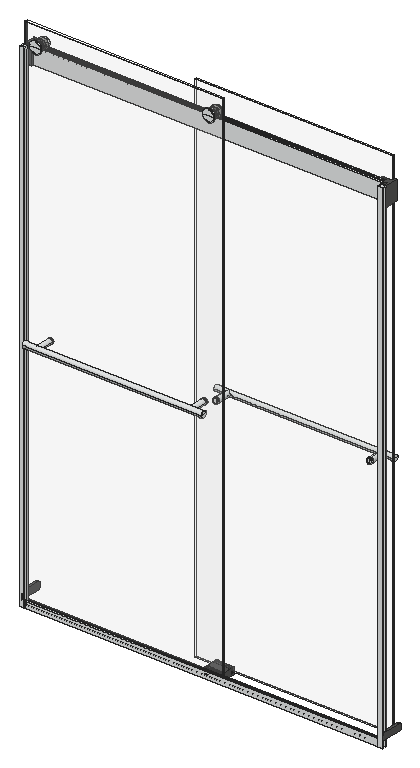
Revit family "Shower-Shower_Door-KOHLER-Levity_Plus-K-702430_1", category Specialty Equipment, host Face, Revit 2022
Family settings
  Host = Face
  Round Connector Dimension = Use Diameter
  Part Type = Normal
  OmniClass Number = 23.31.17.17
  OmniClass Title = Shower Enclosures
  Cut with Voids When Loaded = No
  Maintain Annotation Orientation = No
  Shared = No
  Room Calculation Point = No
Parameters (values of type "SHP-Bright Polished Silver")
  Width [instance] = Walk Thru + 199/256" + 31 81/256"  # 56 169/256"
  WaterSense Certified = 1 = 0  # no
  Walk Thru [instance] = 24 145/256"
  URL = "https://www.us.kohler.com/us/"
  Type = 1
  Product Page URL = "http://www.us.kohler.com/us/catalog/productDetails.jsp?productId=702430-L"
  Product Name = "Levity Plus"  # constant formula
  Product Documentation Link = "https://www.us.kohler.com/webassets/kpna/catalog/pdf/en/K-702430-L_spec_US-CA_Kohler_en.pdf"
  Model = if(Type = 1, "K-702430-L-SHP", if(Type = 2, "K-702430-L-BNK", if(Type = 3, "K-702430-L-BL", if(Type = 4, "K-702430-L-2MB", "NA"))))  # "K-702430-L-SHP"
  Material = "Premium Metal Construction"  # constant formula
  Master Format 2014 Name = "Shower Doors"  # constant formula
  Master Format 2014 = "10 28 19.16"  # constant formula
  Manufacturer Address = "444 Highland Dr, Kohler, WI 53044"  # constant formula
  Manufacturer = "Kohler Co."  # constant formula
  Length = 7 11/128"  # constant formula
  Height = 81 157/256"  # constant formula
  Finish = Kohler-Metal-SHP-Bright_Polished_Silver
  Environmental Product Declaration = ""
  Description = "3/8 SHOWER DOOR 82 X 59 5/8 TOWEL BAR"  # constant formula
  Default Elevation = 4"
  Declare Label = ""
  Date Modified = "03/28/2022"  # constant formula
  Date Created = "03/28/2022"  # constant formula
  Copyright = "Copyright Kohler Co."  # constant formula
  Contact Us = "https://www.us.kohler.com/us/static/contact.jsp"
  Assembly Code = "C1030200"
  ADA Compliant = 1 = 0  # no
Reference planes (in)
  plane 1 "Center (Front/Back)": y = 0
  plane 2: z = 0
  plane 3 "Center (Left/Right)": x = 0
  plane 4: x = 24.56641
  plane 5: x = 25.34402
  plane 6: x = -1.99865
  plane 7: x = -28.99865
  plane 8: x = -27.24865
  plane 9: x = -31.31614
  plane 10: x = -0.98122
  plane 11: y = -0.5592
  plane 12: x = 23.02719
  plane 13: z = 37.91339
  plane 14: x = -2.50477
  plane 15: x = -4.48344
  plane 16: x = 21.49523
  plane 17: x = 23.49523
  plane 18: x = -27.49125
  plane 19: x = -29.49125
  plane 20: x = -3.49125
  plane 21: y = 4.42112
  plane 22: y = 3.99592
  plane 23: y = -2.22061
  plane 24: y = -2.66482
  plane 25: z = 78.22835
  plane 26: z = 75.66929
  plane 27: z = 78.82047
  plane 28: z = 81.61328
Dimensions and locks (in)
  "Walk Thru": plane 4 to plane 3 "Center (Left/Right)"
  "Width": plane 9 to plane 5
  locked: plane 4 to plane 5 at 0.77761
  locked: plane 4 to plane 12 at 1.53921
  locked: plane 17 to plane 5 at 1.84879
  locked: plane 16 to plane 5 at 3.84879
  locked: plane 14 to plane 16 at 24
  locked: plane 15 to plane 14 at 1.97866
  plane 13 to level = 37.91339"
  "Length": plane 21 to plane 24
  "Height": plane 28 to level
  plane 26 to level = 75.66929"
  aligned and locked: plane 2 to host face
  aligned and locked: level to host face
  aligned and locked: plane 3 "Center (Left/Right)" to nested 1
  aligned and locked: plane 4 to nested 1
Automatic sketch dimensions
  host sketch curve to host sketch curve = 96"  (x2)
Nested families (in)
  nested 1: "K-702430" at (0, -0.5592, 0), type "K-702430"
    with Width 56.65696", Walk Thru 24 145/256"
Definition of nested family "K-702430"
  Parameters (values of type "K-702430")
    Width = Walk Thru + 0.77559" + 31.31496"  # 54.9252"
    Walk Thru = 22.83465"
    Material = none
    Default Elevation = 0"
  Reference planes (in)
    plane 1 "Center (Front/Back)": y = 0
    plane 2: z = 0
    plane 3 "Center (Left/Right)": x = 0
    plane 4: x = -31.3134
    plane 5: x = 22.83465
    plane 6: x = 23.61179
    plane 7 "E": x = 19.54543
    plane 8: x = -1.99865
    plane 9: y = -2.1063
    plane 10: y = -1.66142
    plane 11 "C": x = 21.29543
    plane 12 "D": x = -5.70516
    plane 13: x = 23.27133
    plane 14 "B": z = 37.91339
    plane 15: x = -29.49125
    plane 16: x = -1.49125
    plane 17: x = 21.76346
    plane 18: x = -6.23654
    plane 19 "AC": x = -4.23654
    plane 20 "AD": x = 19.76346
    plane 21: x = -3.49125
    plane 22: x = -3.88495
    plane 23: z = 81.61417
    plane 24: y = 4.98031
    plane 25: y = 4.55512
    plane 26: z = 75.66929
    plane 27: z = 78.22835
    plane 28: z = 78.82047
  Forms (in)
    Extrusion 1, solid
      sketch origin (0, 0, 0) x (1, 0, 0) y (0, 1, 0)
        loop
          line (-31.3134, 2.37158) -> (-31.3134, 0.38563)
          arc (-31.3134, 0.38563) -> (-31.30418, 0.36336) -> (-31.28191, 0.35413) r 0.0315
          line (-31.28191, 0.35413) -> (-31.02523, 0.35413)
          arc (-31.02523, 0.35413) -> (-31.00295, 0.36336) -> (-30.99373, 0.38563) r 0.0315
          line (-30.99373, 0.38563) -> (-30.99373, 0.85734)
          arc (-30.99373, 0.85734) -> (-30.9845, 0.87961) -> (-30.96223, 0.88884) r 0.0315
          line (-30.96223, 0.88884) -> (-30.36006, 0.88884)
          arc (-30.36006, 0.88884) -> (-30.33857, 0.89774) -> (-30.32966, 0.91923) r 0.03039
          line (-30.32966, 0.91923) -> (-30.32966, 2.02115) -> (-30.99701, 2.02858) -> (-30.99701, 2.37088)
          arc (-30.99701, 2.37088) -> (-31.00624, 2.39315) -> (-31.02851, 2.40237) r 0.0315
          line (-31.02851, 2.40237) -> (-31.28261, 2.40237)
          arc (-31.28261, 2.40237) -> (-31.30439, 2.39336) -> (-31.3134, 2.37158) r 0.03079
      from 75.42163 to 78.36942
    Extrusion 2, solid, material <- "Material", detail levels medium+fine
      sketch origin (0, 0, 0) x (1, 0, 0) y (0, 1, 0)
        loop
          line (-30.99165, 0.20982) -> (-30.99165, -0.20982) -> (-30.79705, -0.20982) -> (-30.79705, -0.27247) -> (-31.25589, -0.27247) -> (-31.25589, -0.30702) -> (-30.6559, -0.32797)
          arc (-30.6559, -0.32797) -> (-30.58047, -0.29901) -> (-30.5489, -0.22464) r 0.10339
          line (-30.5489, -0.22464) -> (-30.5489, 0.22464)
          arc (-30.5489, 0.22464) -> (-30.58047, 0.29901) -> (-30.6559, 0.32797) r 0.10339
          line (-30.6559, 0.32797) -> (-31.25589, 0.30702) -> (-31.25589, 0.27247) -> (-30.79705, 0.27247) -> (-30.79705, 0.20982) -> (-30.99165, 0.20982)
        loop
          line (-31.3134, 0.20982) -> (-31.12433, 0.20982) -> (-31.12433, 0) -> (-31.12433, -0.20982) -> (-31.3134, -0.20982) -> (-31.3134, -0.25253) -> (-31.08302, -0.25253) -> (-31.08302, 0) -> (-31.08302, 0.25253) -> (-31.3134, 0.25253) -> (-31.3134, 0.20982)
      from 0.08036 to 78.30573
    Extrusion 3, solid, material <- "Material", detail levels medium+fine
      sketch origin (0, 0, 0) x (1, 0, 0) y (0, 1, 0)
        loop
          line (-30.6559, 0.32797) -> (-31.25589, 0.30702) -> (-31.25589, 0.25253) -> (-31.3134, 0.25253) -> (-31.3134, -0.25253) -> (-31.25589, -0.25253) -> (-31.25589, -0.30702) -> (-30.6559, -0.32797)
          arc (-30.6559, -0.32797) -> (-30.58047, -0.29901) -> (-30.5489, -0.22464) r 0.10339
          line (-30.5489, -0.22464) -> (-30.5489, 0.22464)
          arc (-30.5489, 0.22464) -> (-30.58047, 0.29901) -> (-30.6559, 0.32797) r 0.10339
      from 78.40592 to 78.30573
    Extrusion 4, solid
      sketch origin (0, 0, 0) x (0, 1, 0) y (0, 0, 1)
        loop
          line (2.917, 2.13263) -> (-0.20982, 2.13263) -> (-0.20982, 1.05663) -> (2.93672, 1.05663)
          arc (2.93672, 1.05663) -> (3.10579, 1.12666) -> (3.17581, 1.29573) r 0.23909
          line (3.17581, 1.29573) -> (3.17581, 1.87382)
          arc (3.17581, 1.87382) -> (3.10001, 2.05683) -> (2.917, 2.13263) r 0.25882
      from -30.99165 to -31.3134
    Extrusion 5, solid, material <- "Material"
      sketch origin (0, 0, 0) x (0, 1, 0) y (0, 0, 1)
        loop
          arc (0, 0.33997) -> (0.03474, 0.38326) -> (0.08453, 0.35871) r 0.04434
          line (0.08453, 0.35871) -> (0.11423, 0.29502)
          arc (0.11423, 0.29502) -> (0.14686, 0.27839) -> (0.17089, 0.30603) r 0.02975
          line (0.17089, 0.30603) -> (0.20017, 0.86474)
          arc (0.20017, 0.86474) -> (0.19197, 0.88698) -> (0.17019, 0.89634) r 0.03002
          line (0.17019, 0.89634) -> (0.02343, 0.89634)
          arc (0.02343, 0.89634) -> (-0.02199, 0.94176) -> (0.02343, 0.98718) r 0.04542
          line (0.02343, 0.98718) -> (0.19567, 0.98718)
          arc (0.19567, 0.98718) -> (0.19347, 1.02749) -> (0.15814, 1.04703) r 0.04169
          line (0.15814, 1.04703) -> (-0.19878, 1.04703) -> (-0.19878, 0) -> (0.49474, 0) -> (0.49474, 0.07959) -> (0.14319, 0.07959)
          arc (0.14319, 0.07959) -> (0.04194, 0.12153) -> (0, 0.22278) r 0.14319
          line (0, 0.22278) -> (0, 0.33997)
        loop
          line (0.53901, 0.96058) -> (0.10163, 0.96058)
          arc (0.10163, 0.96058) -> (0.08163, 0.94058) -> (0.10163, 0.92059) r 0.01999
          line (0.10163, 0.92059) -> (0.53901, 0.92059)
          arc (0.53901, 0.92059) -> (0.559, 0.94058) -> (0.53901, 0.96058) r 0.01999
      from -30.99165 to 22.83465
    Revolve 6, solid, material <- "Material", detail levels medium+fine
      sketch origin (27, 0, 78.82047) x (0, -1, 0) y (1, 0, 0)
        loop
          line (0.14044, -28.99865) -> (-1.79905, -28.99865) -> (-1.79905, -29.69269) -> (-1.43263, -29.69269) -> (-1.43263, -29.74488)
          arc (-1.43263, -29.74488) -> (-1.24562, -29.80339) -> (-1.05861, -29.74488) r 0.32812
          line (-1.05861, -29.74488) -> (-1.05861, -29.53477) -> (-0.92215, -29.53477) -> (-0.92215, -29.73162) -> (-0.7253, -29.73162) -> (-0.7253, -29.46245) -> (-0.36761, -29.46245) -> (-0.36761, -29.6593) -> (-0.06827, -29.6593) -> (-0.06827, -29.89414) -> (-0.02811, -29.93431) -> (0.09751, -29.93431) -> (0.14044, -29.89138) -> (0.14044, -28.99865)
        axis (0.14044, -28.99865) -> (-1.79905, -28.99865)
      angle from 0 to 360
    Revolve 7, solid, material <- "Material", detail levels medium+fine
      sketch origin (0, 0, 78.82047) x (0, -1, 0) y (1, 0, 0)
        loop
          line (0.14044, -28.99865) -> (-1.79905, -28.99865) -> (-1.79905, -29.69269) -> (-1.43263, -29.69269) -> (-1.43263, -29.74488)
          arc (-1.43263, -29.74488) -> (-1.24562, -29.80339) -> (-1.05861, -29.74488) r 0.32812
          line (-1.05861, -29.74488) -> (-1.05861, -29.53477) -> (-0.92215, -29.53477) -> (-0.92215, -29.73162) -> (-0.7253, -29.73162) -> (-0.7253, -29.46245) -> (-0.36761, -29.46245) -> (-0.36761, -29.6593) -> (-0.06827, -29.6593) -> (-0.06827, -29.89414) -> (-0.02811, -29.93431) -> (0.09751, -29.93431) -> (0.14044, -29.89138) -> (0.14044, -28.99865)
        axis (0.14044, -28.99865) -> (-1.79905, -28.99865)
      angle from 0 to 360
    Extrusion 8, solid, material <- "Material", detail levels medium+fine
      sketch origin (0, 0, 4.05512) x (0, 1, 0) y (0, 0, 1)
        loop
          line (0.97838, 74.09449) -> (0.97838, 71.53543) -> (1.85747, 71.53543)
          arc (1.85747, 71.53543) -> (1.9, 71.55305) -> (1.91761, 71.59558) r 0.06014
          line (1.91761, 71.59558) -> (1.91761, 71.86685)
          arc (1.91761, 71.86685) -> (1.89894, 71.92322) -> (1.85029, 71.95728) r 0.0944
          line (1.85029, 71.95728) -> (1.85029, 71.88022) -> (1.65621, 71.78388) -> (1.38912, 71.90889) -> (1.38912, 73.51607)
          arc (1.38912, 73.51607) -> (1.41101, 73.5689) -> (1.46384, 73.59079) r 0.07472
          line (1.46384, 73.59079) -> (1.84605, 73.59079) -> (1.84605, 73.41713) -> (1.8957, 73.41713)
          arc (1.8957, 73.41713) -> (1.91735, 73.42609) -> (1.92632, 73.44774) r 0.03062
          line (1.92632, 73.44774) -> (1.92632, 74.04029)
          arc (1.92632, 74.04029) -> (1.91044, 74.07861) -> (1.87212, 74.09449) r 0.0542
          line (1.87212, 74.09449) -> (1.69975, 74.09449) -> (1.69975, 74.01045) -> (1.81407, 74.01045)
          arc (1.81407, 74.01045) -> (1.84489, 73.99768) -> (1.85765, 73.96686) r 0.04358
          line (1.85765, 73.96686) -> (1.85765, 73.8136) -> (1.31287, 73.8136) -> (1.31287, 73.88222) -> (1.44737, 73.94211) -> (1.44737, 73.98613)
          arc (1.44737, 73.98613) -> (1.43926, 74.00107) -> (1.42231, 74.0024) r 0.01781
          line (1.42231, 74.0024) -> (1.24538, 73.92362) -> (1.04592, 74.01243) -> (1.04592, 74.07466)
          arc (1.04592, 74.07466) -> (1.04011, 74.08868) -> (1.02609, 74.09449) r 0.01983
          line (1.02609, 74.09449) -> (0.97838, 74.09449)
      from -30.58824 to 22.83465
    Extrusion 9, solid
      sketch origin (0, 0, 74.76536) x (0, -1, 0) y (1, 0, 0)
        loop
          line (-0.71126, -0.0614) -> (-0.71126, -30.93323) -> (-0.65126, -30.99323) -> (-0.39026, -30.99323) -> (-0.33026, -30.93323) -> (-0.33026, -0.0614) -> (-0.39026, -0.0014) -> (-0.65126, -0.0014) -> (-0.71126, -0.0614)
      from 6.84882 to -74.04521
    Extrusion 10, solid
      sketch origin (0, 0, 0) x (0, 1, 0) y (0, 0, 1)
        loop
          line (2.79395, 0) -> (2.73913, 1.04611)
          arc (2.73913, 1.04611) -> (2.73201, 1.06155) -> (2.71622, 1.06785) r 0.02294
          line (2.71622, 1.06785) -> (2.58256, 1.06785)
          arc (2.58256, 1.06785) -> (2.56781, 1.06181) -> (2.56152, 1.04717) r 0.02105
          line (2.56152, 1.04717) -> (2.54725, 0.22974)
          arc (2.54725, 0.22974) -> (2.52045, 0.16735) -> (2.45761, 0.14164) r 0.08966
          line (2.45761, 0.14164) -> (2.27292, 0.14164)
          arc (2.27292, 0.14164) -> (2.21358, 0.16532) -> (2.18684, 0.22333) r 0.0862
          line (2.18684, 0.22333) -> (2.14487, 1.02412)
          arc (2.14487, 1.02412) -> (2.13055, 1.05518) -> (2.09879, 1.06785) r 0.04614
          line (2.09879, 1.06785) -> (1.06637, 1.06785)
          arc (1.06637, 1.06785) -> (1.03461, 1.05518) -> (1.02029, 1.02412) r 0.04614
          line (1.02029, 1.02412) -> (0.97833, 0.22333)
          arc (0.97833, 0.22333) -> (0.95158, 0.16532) -> (0.89225, 0.14164) r 0.0862
          line (0.89225, 0.14164) -> (0.70755, 0.14164)
          arc (0.70755, 0.14164) -> (0.64471, 0.16735) -> (0.61791, 0.22974) r 0.08966
          line (0.61791, 0.22974) -> (0.60364, 1.04717)
          arc (0.60364, 1.04717) -> (0.59735, 1.06181) -> (0.5826, 1.06785) r 0.02105
          line (0.5826, 1.06785) -> (0.30693, 1.06785) -> (0.30693, 0.16201) -> (0.47604, 0.16201)
          arc (0.47604, 0.16201) -> (0.50033, 0.15195) -> (0.51039, 0.12766) r 0.03435
          line (0.51039, 0.12766) -> (0.51039, 0.08994)
          arc (0.51039, 0.08994) -> (0.52098, 0.06032) -> (0.54793, 0.04411) r 0.04675
          arc (0.54793, 0.04411) -> (0.76846, 0.01105) -> (0.99117, 0) r 2.24921
          line (0.99117, 0) -> (2.79395, 0)
      from -3.12027 to -0.34077
    Revolve 11, solid, material <- "Material"
      sketch origin (-5.70516, 0, 4.05512) x (0, 0, -1) y (0, -1, 0)
        loop
          line (-73.55511, -2.99093) -> (-73.51433, -3.03171) -> (-72.61552, -3.03171) -> (-72.61552, -1.91129) -> (-73.35161, -1.91129) -> (-73.35161, -2.16793) -> (-73.2217, -2.16793) -> (-73.2217, -2.52933) -> (-73.27972, -2.52933) -> (-73.27972, -2.82297) -> (-73.51347, -2.82297) -> (-73.55511, -2.86461) -> (-73.55511, -2.99093)
        axis (-72.61552, -1.91129) -> (-72.61552, -3.03171)
      angle from 0 to 360
    Revolve 12, solid, material <- "Material"
      sketch origin (21.29543, 0, 4.05512) x (0, 0, -1) y (0, -1, 0)
        loop
          line (-73.55511, -2.99093) -> (-73.51433, -3.03171) -> (-72.61552, -3.03171) -> (-72.61552, -1.91129) -> (-73.35161, -1.91129) -> (-73.35161, -2.16793) -> (-73.2217, -2.16793) -> (-73.2217, -2.52933) -> (-73.27972, -2.52933) -> (-73.27972, -2.82297) -> (-73.51347, -2.82297) -> (-73.55511, -2.86461) -> (-73.55511, -2.99093)
        axis (-72.61552, -1.91129) -> (-72.61552, -3.03171)
      angle from 0 to 360
    Extrusion 13, solid
      sketch origin (0, 0, 78.82047) x (0, -1, 0) y (1, 0, 0)
        loop
          line (-2.40428, 23.61179) -> (-2.40428, 23.41034)
          arc (-2.40428, 23.41034) -> (-2.37444, 23.3383) -> (-2.30241, 23.30846) r 0.10187
          line (-2.30241, 23.30846) -> (-2.09932, 23.30846)
          arc (-2.09932, 23.30846) -> (-2.03657, 23.28247) -> (-2.01058, 23.21972) r 0.08874
          line (-2.01058, 23.21972) -> (-2.01058, 22.68355)
          arc (-2.01058, 22.68355) -> (-1.99255, 22.64001) -> (-1.949, 22.62197) r 0.06158
          line (-1.949, 22.62197) -> (-0.96774, 22.62197)
          arc (-0.96774, 22.62197) -> (-0.9202, 22.64166) -> (-0.90051, 22.6892) r 0.06723
          line (-0.90051, 22.6892) -> (-0.90051, 23.19912)
          arc (-0.90051, 23.19912) -> (-0.8829, 23.24164) -> (-0.84038, 23.25925) r 0.06013
          line (-0.84038, 23.25925) -> (-0.37453, 23.25925)
          arc (-0.37453, 23.25925) -> (-0.34132, 23.273) -> (-0.32756, 23.30621) r 0.04697
          line (-0.32756, 23.30621) -> (-0.32756, 23.61179) -> (-2.40428, 23.61179)
      from -0.4295 to -3.42639
    Extrusion 14, solid
      sketch origin (0, 0, 0) x (0, 1, 0) y (0, 0, -1)
        loop
          arc (2.917, -2.13263) -> (3.10001, -2.05683) -> (3.17581, -1.87382) r 0.25882
          line (3.17581, -1.87382) -> (3.17581, -1.29573)
          arc (3.17581, -1.29573) -> (3.10579, -1.12666) -> (2.93672, -1.05663) r 0.23909
          line (2.93672, -1.05663) -> (-0.23901, -1.05663) -> (-0.23901, -2.13263) -> (2.917, -2.13263)
      from -23.27133 to -23.61179
    Extrusion 15, solid, material <- "Material"
      sketch origin (0, 0, 74.76536) x (0, -1, 0) y (1, 0, 0)
        loop
          line (-0.32756, 22.83465) -> (0.31775, 22.83465) -> (0.31775, 23.61179) -> (0.23901, 23.61179) -> (0.23901, 22.91339) -> (-0.24882, 22.91339) -> (-0.24882, 23.61179) -> (-0.32756, 23.61179) -> (-0.32756, 22.83465)
      from -74.68499 to 3.51691
    Extrusion 16, solid, material <- "Material"
      sketch origin (0, 0, 0) x (1, 0, 0) y (0, 1, 0)
        loop
          line (23.61179, 0.32756) -> (22.83465, 0.32756) -> (22.83465, -0.31775) -> (23.61179, -0.31775) -> (23.61179, 0.32756)
      from 78.39098 to 78.28227
    Extrusion 17, solid
      sketch origin (0, 0, 74.76536) x (0, -1, 0) y (1, 0, 0)
        loop
          line (-2.21389, 23.27133) -> (-2.47489, 23.27133) -> (-2.53489, 23.21133) -> (-2.53489, -7.63914) -> (-2.47489, -7.69914) -> (-2.21389, -7.69914) -> (-2.15389, -7.63914) -> (-2.15389, 23.21133) -> (-2.21389, 23.27133)
      from -74.06077 to 6.84882
    Extrusion 18, solid, material <- "Material", detail levels coarse
      sketch origin (0, 0, 74.76536) x (0, -1, 0) y (1, 0, 0)
        loop
          line (-0.32797, -30.5489) -> (-0.32797, -31.3134) -> (0.32797, -31.3134) -> (0.32797, -30.5489) -> (-0.32797, -30.5489)
      from -74.68499 to 3.64057
    Revolve 19, solid, material <- "Material", detail levels coarse
      sketch origin (0, 0, 78.82047) x (0, -1, 0) y (1, 0, 0)
        loop
          line (0.14044, -28.99865) -> (-1.79905, -28.99865) -> (-1.79905, -29.69269) -> (-1.43263, -29.69269) -> (-1.43263, -29.74488) -> (-1.05861, -29.74488) -> (-1.05861, -29.53477) -> (-0.92215, -29.53477) -> (-0.92215, -29.73162) -> (-0.7253, -29.73162) -> (-0.7253, -29.6593) -> (-0.06827, -29.6593) -> (-0.06827, -29.93431) -> (0.14044, -29.93431) -> (0.14044, -28.99865)
        axis (-1.79905, -28.99865) -> (0.14044, -28.99865)
      angle from 0 to 360
    Revolve 20, solid, material <- "Material", detail levels coarse
      sketch origin (27, 0, 78.82047) x (0, -1, 0) y (1, 0, 0)
        loop
          line (0.14044, -28.99865) -> (-1.79905, -28.99865) -> (-1.79905, -29.69269) -> (-1.43263, -29.69269) -> (-1.43263, -29.74488) -> (-1.05861, -29.74488) -> (-1.05861, -29.53477) -> (-0.92215, -29.53477) -> (-0.92215, -29.73162) -> (-0.7253, -29.73162) -> (-0.7253, -29.6593) -> (-0.06827, -29.6593) -> (-0.06827, -29.93431) -> (0.14044, -29.93431) -> (0.14044, -28.99865)
        axis (-1.79905, -28.99865) -> (0.14044, -28.99865)
      angle from 0 to 360
    Extrusion 21, solid, material <- "Material", detail levels coarse
      sketch origin (0, 0, 4.05512) x (0, 1, 0) y (0, 0, 1)
        loop
          line (0.97838, 74.09449) -> (0.97838, 71.53543) -> (1.92632, 71.53543) -> (1.92632, 74.09449) -> (0.97838, 74.09449)
      from -30.5489 to 22.83465
    Revolve 22, solid, material <- "Material", detail levels medium+fine
      sketch origin (0, 0, 37.91339) x (-1, 0, 0) y (0, -1, 0)
        loop
          line (27.49125, 1.67795) -> (27.49125, -0.9988) -> (27.86283, -0.9988)
          arc (27.86283, -0.9988) -> (27.87865, -0.99224) -> (27.8852, -0.97642) r 0.02237
          line (27.8852, -0.97642) -> (27.8852, -0.77957)
          arc (27.8852, -0.77957) -> (27.88008, -0.76164) -> (27.86625, -0.74911) r 0.03397
          line (27.86625, -0.74911) -> (27.86625, 1.67795) -> (27.49125, 1.67795)
        axis (27.49125, 1.67795) -> (27.49125, -0.9988)
      angle from 0 to 360
    Revolve 23, solid, material <- "Material", detail levels medium+fine
      sketch origin (0, 0, 37.91339) x (-1, 0, 0) y (0, -1, 0)
        loop
          line (29.49125, 1.66142) -> (29.49125, 2.05531) -> (29.44026, 2.1063) -> (1.54212, 2.1063) -> (1.49125, 2.05543) -> (1.49125, 1.66142) -> (29.49125, 1.66142)
        axis (29.49125, 1.66142) -> (1.49125, 1.66142)
      angle from 0 to 360
    Revolve 24, solid, material <- "Material"
      sketch origin (-4.23654, 0, 0) x (0, 1, 0) y (0, 0, 1)
        loop
          line (4.47693, 37.91339) -> (4.47693, 38.31835) -> (2.11192, 38.31835)
          arc (2.11192, 38.31835) -> (2.0961, 38.32938) -> (2.07721, 38.33327) r 0.04782
          line (2.07721, 38.33327) -> (1.88731, 38.33327)
          arc (1.88731, 38.33327) -> (1.86932, 38.32582) -> (1.86187, 38.30783) r 0.02544
          line (1.86187, 38.30783) -> (1.86187, 37.91339) -> (4.47693, 37.91339)
        axis (1.86187, 37.91339) -> (4.47693, 37.91339)
      angle from 0 to 360
    Revolve 25, solid, material <- "Material"
      sketch origin (19.76346, 0, 0) x (0, 1, 0) y (0, 0, 1)
        loop
          line (4.47693, 37.91339) -> (4.47693, 38.31835) -> (2.11192, 38.31835)
          arc (2.11192, 38.31835) -> (2.0961, 38.32938) -> (2.07721, 38.33327) r 0.04782
          line (2.07721, 38.33327) -> (1.88731, 38.33327)
          arc (1.88731, 38.33327) -> (1.86932, 38.32582) -> (1.86187, 38.30783) r 0.02544
          line (1.86187, 38.30783) -> (1.86187, 37.91339) -> (4.47693, 37.91339)
        axis (1.86187, 37.91339) -> (4.47693, 37.91339)
      angle from 0 to 360
    Revolve 26, solid, material <- "Material", detail levels medium+fine
      sketch origin (0, 0, 37.91339) x (-1, 0, 0) y (0, -1, 0)
        loop
          line (6.23654, -4.47693) -> (-21.76346, -4.47693) -> (-21.76346, -4.84813) -> (-21.70979, -4.9018) -> (6.18443, -4.9018) -> (6.23654, -4.8497) -> (6.23654, -4.47693)
        axis (6.23654, -4.47693) -> (-21.76346, -4.47693)
      angle from 0 to 360
    Revolve 27, solid, material <- "Material", detail levels medium+fine
      sketch origin (0, 0, 37.91339) x (-1, 0, 0) y (0, -1, 0)
        loop
          line (3.49125, -1.03361) -> (3.88173, -1.03361)
          arc (3.88173, -1.03361) -> (3.90934, -1.02218) -> (3.92077, -0.99457) r 0.03905
          line (3.92077, -0.99457) -> (3.92077, -0.78351)
          arc (3.92077, -0.78351) -> (3.9111, -0.74933) -> (3.88495, -0.7253) r 0.0652
          line (3.88495, -0.7253) -> (3.88495, 1.66142) -> (3.49125, 1.66142) -> (3.49125, -1.03361)
        axis (3.49125, -1.03361) -> (3.49125, 1.66142)
      angle from 0 to 360
    Revolve 28, solid, material <- "Material", detail levels coarse
      sketch origin (0, 0, 37.91339) x (-1, 0, 0) y (0, -1, 0)
        loop
          line (27.86625, -0.97838) -> (27.86625, 1.66142) -> (27.49125, 1.66142) -> (27.49125, -0.97838) -> (27.86625, -0.97838)
        axis (27.49125, -0.97838) -> (27.49125, 1.66142)
      angle from 0 to 360
    Revolve 29, solid, material <- "Material", detail levels coarse
      sketch origin (0, 0, 37.91339) x (-1, 0, 0) y (0, -1, 0)
        loop
          line (3.49125, -0.97838) -> (3.88495, -0.97838) -> (3.88495, 1.66142) -> (3.49125, 1.66142) -> (3.49125, -0.97838)
        axis (3.49125, -0.97838) -> (3.49125, 1.66142)
      angle from 0 to 360
    Revolve 30, solid, material <- "Material", detail levels coarse
      sketch origin (0, 0, 37.91339) x (-1, 0, 0) y (0, -1, 0)
        loop
          line (29.49125, 1.66142) -> (29.49125, 2.1063) -> (1.49125, 2.1063) -> (1.49125, 1.66142) -> (29.49125, 1.66142)
        axis (1.49125, 1.66142) -> (29.49125, 1.66142)
      angle from 0 to 360
    Revolve 31, solid, material <- "Material", detail levels coarse
      sketch origin (0, 0, 37.91339) x (-1, 0, 0) y (0, -1, 0)
        loop
          line (6.23654, -4.47693) -> (-21.76346, -4.47693) -> (-21.76346, -4.9018) -> (6.23654, -4.9018) -> (6.23654, -4.47693)
        axis (-21.76346, -4.47693) -> (6.23654, -4.47693)
      angle from 0 to 360
  Cuts and joins
    joined: Extrusion 2, Extrusion 3
    joined: Extrusion 15, Extrusion 16
  Lines and regions (in)
    Masking region 1
      outline origin (21.29543, 0, 0) x (0, 0, -1) y (0, -1, 0)
        loop
          line (-81.61417, -0.33026) -> (-81.61417, -0.71126) -> (-79.55344, -0.71126) -> (-79.55344, -0.92215) -> (-79.35659, -0.92215) -> (-79.35659, -1.05861) -> (-79.5667, -1.05861)
          arc (-79.5667, -1.05861) -> (-79.62864, -1.24562) -> (-79.5667, -1.43263) r 0.31327
          line (-79.5667, -1.43263) -> (-79.51451, -1.43263) -> (-79.51451, -1.79905) -> (-78.36942, -1.79905) -> (-78.36942, -2.15389) -> (-81.61417, -2.15389) -> (-81.61417, -2.53489) -> (-77.33483, -2.53489) -> (-77.33483, -2.82297) -> (-77.56858, -2.82297) -> (-77.61023, -2.86461) -> (-77.61023, -2.99093) -> (-77.56945, -3.03171) -> (-75.77183, -3.03171) -> (-75.73105, -2.99093) -> (-75.73105, -2.86461) -> (-75.7727, -2.82297) -> (-76.00645, -2.82297) -> (-76.00645, -2.53489) -> (-38.31835, -2.53489) -> (-38.31835, -4.35124)
          arc (-38.31835, -4.35124) -> (-38.28746, -4.77624) -> (-37.91339, -4.98031) r 0.44488
          arc (-37.91339, -4.98031) -> (-37.53931, -4.77624) -> (-37.50843, -4.35124) r 0.44488
          line (-37.50843, -4.35124) -> (-37.50843, -2.53489) -> (-2.13263, -2.53489) -> (-2.13263, -2.917)
          arc (-2.13263, -2.917) -> (-2.05683, -3.10001) -> (-1.87382, -3.17581) r 0.25882
          line (-1.87382, -3.17581) -> (-1.29573, -3.17581)
          arc (-1.29573, -3.17581) -> (-1.12666, -3.10579) -> (-1.05663, -2.93672) r 0.23909
          line (-1.05663, -2.93672) -> (-1.05663, -2.73858) -> (0, -2.79395) -> (0, -0.99117)
          arc (0, -0.99117) -> (-0.01105, -0.76846) -> (-0.04411, -0.54793) r 2.24921
          arc (-0.04411, -0.54793) -> (-0.06032, -0.52098) -> (-0.08994, -0.51039) r 0.04675
          line (-0.08994, -0.51039) -> (-0.12766, -0.51039)
          arc (-0.12766, -0.51039) -> (-0.15195, -0.50033) -> (-0.16201, -0.47604) r 0.03435
          line (-0.16201, -0.47604) -> (-0.16201, -0.32756) -> (-0.07959, -0.32756) -> (-0.07959, -0.49474) -> (0, -0.49474) -> (0, 0.19878) -> (-0.08036, 0.19878) -> (-0.08036, 0.32803) -> (-33.30165, 0.32803) -> (-37.53652, 0.32803) -> (-37.53652, 1.425)
          arc (-37.53652, 1.425) -> (-37.52409, 1.87676) -> (-37.91339, 2.1063) r 0.44488
          arc (-37.91339, 2.1063) -> (-38.30268, 1.87676) -> (-38.29025, 1.425) r 0.44488
          line (-38.29025, 1.425) -> (-38.29025, 0.32803) -> (-46.30165, 0.32803) -> (-78.40592, 0.32803) -> (-78.40592, 0.14044) -> (-79.7132, 0.14044) -> (-79.75617, 0.09747) -> (-79.75617, -0.02728) -> (-79.71518, -0.06827) -> (-79.48112, -0.06827) -> (-79.48112, -0.33026) -> (-81.61417, -0.33026)
        loop
          line (-1.05663, -0.7253) -> (-1.05663, -1.03622)
          arc (-1.05663, -1.03622) -> (-1.04201, -1.02494) -> (-1.02412, -1.02029) r 0.04614
          line (-1.02412, -1.02029) -> (-0.22333, -0.97833)
          arc (-0.22333, -0.97833) -> (-0.16532, -0.95158) -> (-0.14164, -0.89225) r 0.0862
          line (-0.14164, -0.89225) -> (-0.14164, -0.70755)
          arc (-0.14164, -0.70755) -> (-0.16735, -0.64471) -> (-0.22974, -0.61791) r 0.08966
          line (-0.22974, -0.61791) -> (-0.72015, -0.60935) -> (-0.72015, -0.7253) -> (-1.05663, -0.7253)
        loop
          arc (-0.22974, -2.54725) -> (-0.16735, -2.52045) -> (-0.14164, -2.45761) r 0.08966
          line (-0.14164, -2.45761) -> (-0.14164, -2.27292)
          arc (-0.14164, -2.27292) -> (-0.16532, -2.21358) -> (-0.22333, -2.18684) r 0.0862
          line (-0.22333, -2.18684) -> (-0.70459, -2.16162) -> (-0.70459, -2.53489) -> (-1.05663, -2.56169) -> (-0.22974, -2.54725)
        loop
          line (-2.13263, -0.7253) -> (-33.17615, -0.7253) -> (-37.53652, -0.7253)
          arc (-37.53652, -0.7253) -> (-37.52328, -0.7541) -> (-37.51874, -0.78546) r 0.11066
          line (-37.51874, -0.78546) -> (-37.51874, -0.97254)
          arc (-37.51874, -0.97254) -> (-37.52635, -0.99092) -> (-37.54473, -0.99854) r 0.026
          line (-37.54473, -0.99854) -> (-37.91339, -0.99854) -> (-38.28204, -0.99854)
          arc (-38.28204, -0.99854) -> (-38.30042, -0.99092) -> (-38.30803, -0.97254) r 0.026
          line (-38.30803, -0.97254) -> (-38.30803, -0.78546)
          arc (-38.30803, -0.78546) -> (-38.3035, -0.7541) -> (-38.29025, -0.7253) r 0.11066
          line (-38.29025, -0.7253) -> (-46.17615, -0.7253) -> (-75.39553, -0.7253) -> (-75.39553, -2.15389) -> (-38.31835, -2.15389) -> (-38.31835, -2.11192)
          arc (-38.31835, -2.11192) -> (-38.32958, -2.09466) -> (-38.33352, -2.07445) r 0.05385
          line (-38.33352, -2.07445) -> (-38.33352, -1.88855)
          arc (-38.33352, -1.88855) -> (-38.3257, -1.86968) -> (-38.30682, -1.86186) r 0.02669
          line (-38.30682, -1.86186) -> (-37.91339, -1.86186) -> (-37.51995, -1.86186)
          arc (-37.51995, -1.86186) -> (-37.50107, -1.86968) -> (-37.49325, -1.88855) r 0.02669
          line (-37.49325, -1.88855) -> (-37.49325, -2.07445)
          arc (-37.49325, -2.07445) -> (-37.49719, -2.09466) -> (-37.50843, -2.11192) r 0.05385
          line (-37.50843, -2.11192) -> (-37.50843, -2.15389) -> (-2.13263, -2.15389) -> (-2.13263, -0.7253)
    Masking region 2
      outline origin (0, 0, 0) x (1, 0, 0) y (0, 0, 1)
        loop
          line (-30.99192, 81.61417) -> (-30.99192, 78.40592) -> (-31.3134, 78.40592) -> (-31.3134, 0.08036) -> (-30.99165, 0.08036) -> (-30.99165, 0) -> (22.83465, 0) -> (22.83465, 0.07959) -> (23.61179, 0.07959) -> (23.61179, 78.39098) -> (23.27133, 78.39098) -> (23.27133, 81.61417) -> (-30.99192, 81.61417)
    Masking region 3
      outline origin (0, 0, 74.76536) x (0, -1, 0) y (1, 0, 0)
        loop
          line (-3.17581, -31.3134) -> (0.32797, -31.3134) -> (0.32797, -30.5489) -> (0.19878, -30.5489) -> (0.19878, -27.86625) -> (1.21778, -27.86625) -> (1.21778, -29.44026) -> (1.26877, -29.49125) -> (2.05531, -29.49125) -> (2.1063, -29.44026) -> (2.1063, -1.54212) -> (2.05543, -1.49125) -> (1.26865, -1.49125) -> (1.21778, -1.54212) -> (1.21778, -3.09755) -> (0.19878, -3.09755) -> (0.19878, 22.83465) -> (0.31775, 22.83465) -> (0.31775, 23.61179) -> (-3.17581, 23.61179) -> (-3.17581, 23.27133) -> (-2.02713, 23.27133)
          arc (-2.02713, 23.27133) -> (-2.01482, 23.24682) -> (-2.01058, 23.21972) r 0.08874
          line (-2.01058, 23.21972) -> (-2.01058, 22.68355)
          arc (-2.01058, 22.68355) -> (-1.98368, 22.63266) -> (-1.92648, 22.62624) r 0.06158
          line (-1.92648, 22.62624) -> (-1.92648, -0.34077) -> (-2.79395, -0.34077) -> (-2.79395, -3.12027) -> (-1.92648, -3.12027) -> (-1.92648, -30.32966) -> (-2.02115, -30.32966) -> (-2.02852, -30.99165) -> (-3.17581, -30.99165) -> (-3.17581, -31.3134)
        loop
          line (-0.88884, -30.36006) -> (-0.88884, -30.96198)
          arc (-0.88884, -30.96198) -> (-0.88008, -30.98312) -> (-0.85894, -30.99187) r 0.0299
          line (-0.85894, -30.99187) -> (-0.65261, -30.99187) -> (-0.71126, -30.93323) -> (-0.71126, -29.73162) -> (-0.92215, -29.73162) -> (-0.92215, -29.53477) -> (-0.97838, -29.53477) -> (-0.97838, -30.32966) -> (-0.91923, -30.32966)
          arc (-0.91923, -30.32966) -> (-0.89774, -30.33857) -> (-0.88884, -30.36006) r 0.03039
        loop
          line (-0.92215, -28.26569) -> (-0.71126, -28.26569) -> (-0.71126, -27.88635) -> (-0.97838, -27.88635) -> (-0.97838, -28.46254) -> (-0.92215, -28.46254) -> (-0.92215, -28.26569)
        loop
          line (-0.97838, -3.88495) -> (-0.97838, -27.09615) -> (-0.71126, -27.09615) -> (-0.71126, -3.88495) -> (-0.97838, -3.88495)
        loop
          line (-0.97838, 22.62281) -> (-0.97838, -0.34077) -> (-0.71126, -0.34077) -> (-0.71126, -0.0614) -> (-0.64986, 0) -> (-0.5592, 0) -> (-0.5592, 22.83465) -> (-0.32756, 22.83465) -> (-0.32756, 23.30621)
          arc (-0.32756, 23.30621) -> (-0.34132, 23.273) -> (-0.37453, 23.25925) r 0.04697
          line (-0.37453, 23.25925) -> (-0.84038, 23.25925)
          arc (-0.84038, 23.25925) -> (-0.8829, 23.24164) -> (-0.90051, 23.19912) r 0.06013
          line (-0.90051, 23.19912) -> (-0.90051, 22.6892)
          arc (-0.90051, 22.6892) -> (-0.92412, 22.63804) -> (-0.97838, 22.62281) r 0.06723
        loop
          line (1.21778, -27.11625) -> (1.21778, -3.88495) -> (0.19878, -3.88495) -> (0.19878, -27.11625) -> (1.21778, -27.11625)
    Masking region 4
      outline origin (0, 0, 74.76536) x (0, -1, 0) y (1, 0, 0)
        loop
          line (-3.03171, -6.60397) -> (-2.99102, -6.64466) -> (-2.86452, -6.64466) -> (-2.82297, -6.60311) -> (-2.82297, -6.36936) -> (-2.53489, -6.36936) -> (-2.53489, -7.63914) -> (-2.47489, -7.69914) -> (-2.21389, -7.69914) -> (-2.15389, -7.63914) -> (-2.15389, -6.44126) -> (-1.92667, -6.44126) -> (-1.92667, -5.70516) -> (-1.92667, -4.96907) -> (-2.15389, -4.96907) -> (-2.15389, -4.6415) -> (-1.92648, -4.6415) -> (-1.92648, -3.83158) -> (-2.15389, -3.83158) -> (-2.15389, 19.3585) -> (-1.92632, 19.3585) -> (-1.92632, 20.16842) -> (-2.15389, 20.16842) -> (-2.15389, 20.55934) -> (-1.92648, 20.55934) -> (-1.92648, 22.03152) -> (-2.15389, 22.03152) -> (-2.15389, 23.21133) -> (-2.21389, 23.27133) -> (-2.47489, 23.27133) -> (-2.53489, 23.21133) -> (-2.53489, 21.95963) -> (-2.82297, 21.95963) -> (-2.82297, 22.19338) -> (-2.86527, 22.23568) -> (-2.99027, 22.23568) -> (-3.03171, 22.19424) -> (-3.03171, 21.29543) -> (-3.03171, 20.39663) -> (-2.99027, 20.35518) -> (-2.86527, 20.35518) -> (-2.82297, 20.39749) -> (-2.82297, 20.63124) -> (-2.53489, 20.63124) -> (-2.53489, 20.16842) -> (-4.13058, 20.16842) -> (-4.13058, 21.70979) -> (-4.18425, 21.76346) -> (-4.92664, 21.76346) -> (-4.98031, 21.70979) -> (-4.98031, -6.18443) -> (-4.92821, -6.23654) -> (-4.18268, -6.23654) -> (-4.13058, -6.18443) -> (-4.13058, -4.6415) -> (-2.53489, -4.6415) -> (-2.53489, -5.04097) -> (-2.82297, -5.04097) -> (-2.82297, -4.80722) -> (-2.86452, -4.76567) -> (-2.99102, -4.76567) -> (-3.03171, -4.80636) -> (-3.03171, -5.70516) -> (-3.03171, -6.60397)
        loop
          line (-4.13058, -3.83158) -> (-2.53489, -3.83158) -> (-2.53489, 19.3585) -> (-4.13058, 19.3585) -> (-4.13058, -3.83158)
    symbolic lines, detail levels medium+fine
      curve 1: line (21.29543, 1.79905, 78.36942) -> (21.29543, 0.4133, 78.36942)
      curve 2: line (21.29543, 1.43263, 79.51451) -> (21.29543, 1.43263, 78.36942)
      curve 3: line (21.29543, 1.05861, 79.35659) -> (21.29543, 1.05861, 78.36942)
      curve 4: line (21.29543, 0.92215, 79.35659) -> (21.29543, 0.92215, 78.36942)
      curve 5: line (21.29543, 0.71126, 79.55344) -> (21.29543, 0.71126, 78.36942)
      curve 6: line (21.29543, -0.20325, 78.40592) -> (21.29543, 0.32756, 78.40592)
      curve 7: line (21.29543, 0.06827, 79.48112) -> (21.29543, 0.06827, 78.40592)
      curve 8: line (21.29543, -0.09747, 79.75617) -> (21.29543, -0.09747, 78.40592)
      curve 9: line (21.29543, 0.02728, 79.75617) -> (21.29543, 0.02728, 78.40592)
      curve 10: line (21.29543, 2.15389, 75.39553) -> (21.29543, 2.40237, 75.39553)
      curve 11: line (21.29543, 2.40237, 75.39553) -> (21.29543, 2.40237, 78.36942)
      curve 12: line (21.29543, 2.82297, 76.00645) -> (21.29543, 2.82297, 77.33483)
      curve 13: line (21.29543, 2.53489, 76.00645) -> (21.29543, 2.53489, 77.33483)
      curve 14: line (21.29543, 2.86461, 75.73105) -> (21.29543, 2.86461, 77.61023)
      curve 15: line (21.29543, 2.99093, 77.61023) -> (21.29543, 2.99093, 75.73105)
      curve 16: line (21.29543, 2.07705, 78.36942) -> (21.29543, 2.40237, 78.36942)
      curve 17: line (21.29543, 0.7253, 75.39553) -> (21.29543, 0.25253, 75.39553)
      curve 18: line (21.29543, 0.32756, 75.39553) -> (21.29543, 0.32756, 78.40592)
      curve 19: line (21.29543, 0.4133, 78.36942) -> (21.29543, 0.35413, 78.36942)
      curve 20: line (21.29543, 0.35413, 78.36942) -> (21.29543, 0.35413, 75.39553)
      curve 21: line (21.29543, -0.20982, 78.33261) -> (21.29543, -0.20982, 0.08036)
      curve 22: line (21.29543, 0.25253, 78.33261) -> (21.29543, -0.27247, 78.33261)
      curve 23: line (21.29543, 0.20982, 0.08036) -> (21.29543, 0.20982, 78.33261)
      curve 24: line (21.29543, 0.25253, 0.08036) -> (21.29543, 0.25253, 78.33261)
      curve 25: line (21.29543, -0.27247, 78.33261) -> (21.29543, -0.27247, 0.08036)
      curve 26: line (21.29543, 2.73858, 1.05663) -> (21.29543, 2.56169, 1.05663)
      curve 27: line (21.29543, 2.56169, 1.05663) -> (21.29543, 1.03622, 1.05663)
      curve 28: line (21.29543, 0.60935, 0.72015) -> (21.29543, 0.32797, 0.72015)
      curve 29: line (21.29543, -0.20982, 0.08036) -> (21.29543, 0.32803, 0.08036)
      curve 30: line (21.29543, 2.60992, 2.13263) -> (21.29543, 2.15389, 2.13263)
      curve 31: line (21.29543, 0.7253, 2.13263) -> (21.29543, 0.25253, 2.13263)
      curve 32: line (21.29543, 0.7253, 1.05663) -> (21.29543, 0.25253, 1.05663)
      curve 33: line (21.29543, 0.30693, 1.05663) -> (21.29543, 0.30693, 0.08036)
      curve 34: line (-30.99192, 0, 78.40592) -> (-30.5489, 0, 78.40592)
      curve 35: line (-30.5489, 0, 78.40592) -> (-30.5489, 0, 0.08036)
      curve 36: line (-30.99165, 0, 0.08036) -> (-30.5489, 0, 0.08036)
      curve 37: line (-30.5489, 0, 1.04703) -> (22.83465, 0, 1.04703)
      curve 38: circle (-28.99865, 0, 78.82047) r 0.93903 normal (0, -1, 0)
      curve 39: circle (-28.99865, 0, 78.82047) r 0.89273 normal (0, -1, 0)
      curve 40: circle (-1.99865, 0, 78.82047) r 0.93903 normal (0, -1, 0)
      curve 41: circle (-1.99865, 0, 78.82047) r 0.89273 normal (0, -1, 0)
      curve 42: line (0, 0, 81.61417) -> (0, 0, 1.04703)
      curve 43: line (23.27133, 0, 78.39098) -> (22.62197, 0, 78.39098)
      curve 44: line (22.62197, 0, 78.39098) -> (22.62197, 0, 75.39408)
      curve 45: line (22.62197, 0, 75.39408) -> (22.83465, 0, 75.39408)
      curve 46: line (22.83465, 0, 78.28227) -> (22.83465, 0, 0.07959)
      curve 47: line (22.83465, 0, 78.28227) -> (23.61179, 0, 78.28227)
      curve 48: line (0, 0, 78.22835) -> (22.62197, 0, 78.22835)
      curve 49: line (0, 0, 75.66929) -> (22.62197, 0, 75.66929)
      curve 50: line (-30.32966, 0.97838, 74.76536) -> (-30.32966, 1.92648, 74.76536)
      curve 51: line (-31.28261, 2.40237, 74.76536) -> (-31.02851, 2.40237, 74.76536)
      curve 52: arc (-31.31306, 2.37617, 74.76536) -> (-31.3027, 2.39492, 74.76536) -> (-31.28261, 2.40237, 74.76536) r 0.03079
      curve 53: arc (-31.02851, 2.40237, 74.76536) -> (-31.00611, 2.39539, 74.76536) -> (-30.99165, 2.37691, 74.76536) r 0.0394
      curve 54: line (-31.02523, 0.35413, 74.76536) -> (-31.28191, 0.35413, 74.76536)
      curve 55: arc (-31.3134, 0.38563, 74.76536) -> (-31.30418, 0.36336, 74.76536) -> (-31.28191, 0.35413, 74.76536) r 0.0315
      curve 56: arc (-30.99187, 0.38146, 74.76536) -> (-31.00367, 0.36184, 74.76536) -> (-31.02523, 0.35413, 74.76536) r 0.03402
      curve 57: line (-30.99187, 0.65261, 74.76536) -> (-30.99187, 0.38146, 74.76536)
      curve 58: line (-30.5489, -0.19878, 74.76536) -> (-30.5489, 0.2505, 74.76536)
      curve 59: line (-28.30462, 1.79905, 74.76536) -> (-29.69269, 1.79905, 74.76536)
      curve 60: line (-29.69269, 1.79905, 74.76536) -> (-29.69269, 1.43263, 74.76536)
      curve 61: line (-29.69269, 1.43263, 74.76536) -> (-29.74488, 1.43263, 74.76536)
      curve 62: line (-29.74488, 1.05861, 74.76536) -> (-29.53477, 1.05861, 74.76536)
      curve 63: arc (-29.74488, 1.05861, 74.76536) -> (-29.80642, 1.24562, 74.76536) -> (-29.74488, 1.43263, 74.76536) r 0.31489
      curve 64: line (-29.53477, 1.05861, 74.76536) -> (-29.53477, 0.97838, 74.76536)
      curve 65: line (-28.30462, 1.79905, 74.76536) -> (-28.30462, 1.43263, 74.76536)
      curve 66: line (-28.30462, 1.43263, 74.76536) -> (-28.25243, 1.43263, 74.76536)
      curve 67: line (-28.25243, 1.05861, 74.76536) -> (-28.46254, 1.05861, 74.76536)
      curve 68: arc (-28.25243, 1.05861, 74.76536) -> (-28.19089, 1.24562, 74.76536) -> (-28.25243, 1.43263, 74.76536) r 0.31489
      curve 69: line (-28.46254, 1.05861, 74.76536) -> (-28.46254, 0.97838, 74.76536)
      curve 70: line (-28.99865, -0.14044, 74.76536) -> (-29.89138, -0.14044, 74.76536)
      curve 71: line (-29.93431, -0.09751, 74.76536) -> (-29.93431, 0.02811, 74.76536)
      curve 72: line (-29.89414, 0.06827, 74.76536) -> (-29.6593, 0.06827, 74.76536)
      curve 73: line (-29.6593, 0.06827, 74.76536) -> (-29.6593, 0.33026, 74.76536)
      curve 74: line (-29.89138, -0.14044, 74.76536) -> (-29.93431, -0.09751, 74.76536)
      curve 75: line (-29.93431, 0.02811, 74.76536) -> (-29.89414, 0.06827, 74.76536)
      curve 76: line (-28.99865, -0.14044, 74.76536) -> (-28.10593, -0.14044, 74.76536)
      curve 77: line (-28.063, -0.09751, 74.76536) -> (-28.063, 0.02811, 74.76536)
      curve 78: line (-28.10317, 0.06827, 74.76536) -> (-28.338, 0.06827, 74.76536)
      curve 79: line (-28.338, 0.06827, 74.76536) -> (-28.338, 0.33026, 74.76536)
      curve 80: line (-28.10593, -0.14044, 74.76536) -> (-28.063, -0.09751, 74.76536)
      curve 81: line (-28.063, 0.02811, 74.76536) -> (-28.10317, 0.06827, 74.76536)
      curve 82: line (-29.69269, 1.43263, 74.76536) -> (-28.30462, 1.43263, 74.76536)
      curve 83: line (-29.53477, 1.05861, 74.76536) -> (-28.46254, 1.05861, 74.76536)
      curve 84: line (-29.53477, 0.92215, 74.76536) -> (-28.46254, 0.92215, 74.76536)
      curve 85: line (-29.73162, 0.71126, 74.76536) -> (-28.26569, 0.71126, 74.76536)
      curve 86: line (-29.6593, 0.06827, 74.76536) -> (-28.338, 0.06827, 74.76536)
      curve 87: line (-29.93431, 0.02811, 74.76536) -> (-28.063, 0.02811, 74.76536)
      curve 88: line (-29.93431, -0.09751, 74.76536) -> (-28.063, -0.09751, 74.76536)
      curve 89: line (-27.88635, 0.97838, 74.76536) -> (-26.8488, 0.97838, 74.76536)
      curve 90: line (-27.88635, 0.71126, 74.76536) -> (-27.09615, 0.71126, 74.76536)
      curve 91: line (-27.86625, -0.19878, 74.76536) -> (-27.86625, 0.33026, 74.76536)
      curve 92: line (-27.11625, -0.19878, 74.76536) -> (-27.11625, 0.33026, 74.76536)
      curve 93: line (22.62542, 1.69975, 74.76536) -> (-1.30462, 1.69975, 74.76536)
      curve 94: line (-30.32966, 1.24538, 74.76536) -> (-29.80642, 1.24538, 74.76536)
      curve 95: line (-30.32966, 1.44737, 74.76536) -> (-29.6832, 1.44737, 74.76536)
      curve 96: line (-30.32966, 1.04592, 74.76536) -> (-29.53477, 1.04592, 74.76536)
      curve 97: line (-29.69269, 1.69975, 74.76536) -> (-30.32966, 1.69975, 74.76536)
      curve 98: line (-28.30462, 1.44737, 74.76536) -> (-2.69269, 1.44737, 74.76536)
      curve 99: line (-28.19089, 1.24538, 74.76536) -> (-2.80642, 1.24538, 74.76536)
      curve 100: line (-28.46254, 1.04592, 74.76536) -> (-2.53477, 1.04592, 74.76536)
      curve 101: line (-30.5489, 0.18164, 74.76536) -> (-29.6593, 0.18164, 74.76536)
      curve 102: line (-27.86625, 0.18164, 74.76536) -> (-28.338, 0.18164, 74.76536)
      curve 103: line (-27.11625, 0.18164, 74.76536) -> (-3.88495, 0.18164, 74.76536)
      curve 104: line (-1.30462, 1.79905, 74.76536) -> (-2.69269, 1.79905, 74.76536)
      curve 105: line (-2.69269, 1.79905, 74.76536) -> (-2.69269, 1.43263, 74.76536)
      curve 106: line (-2.69269, 1.43263, 74.76536) -> (-2.74488, 1.43263, 74.76536)
      curve 107: line (-2.74488, 1.05861, 74.76536) -> (-2.53477, 1.05861, 74.76536)
      curve 108: arc (-2.74488, 1.05861, 74.76536) -> (-2.80642, 1.24562, 74.76536) -> (-2.74488, 1.43263, 74.76536) r 0.31489
      curve 109: line (-2.53477, 1.05861, 74.76536) -> (-2.53477, 0.92215, 74.76536)
      curve 110: line (-1.30462, 1.79905, 74.76536) -> (-1.30462, 1.43263, 74.76536)
      curve 111: line (-1.30462, 1.43263, 74.76536) -> (-1.25243, 1.43263, 74.76536)
      curve 112: line (-1.25243, 1.05861, 74.76536) -> (-1.46254, 1.05861, 74.76536)
      curve 113: arc (-1.25243, 1.05861, 74.76536) -> (-1.19089, 1.24562, 74.76536) -> (-1.25243, 1.43263, 74.76536) r 0.31489
      curve 114: line (-1.46254, 1.05861, 74.76536) -> (-1.46254, 0.92215, 74.76536)
      curve 115: line (-1.99865, -0.14044, 74.76536) -> (-2.89138, -0.14044, 74.76536)
      curve 116: line (-2.93431, -0.09751, 74.76536) -> (-2.93431, 0.02811, 74.76536)
      curve 117: line (-2.89414, 0.06827, 74.76536) -> (-2.6593, 0.06827, 74.76536)
      curve 118: line (-2.6593, 0.06827, 74.76536) -> (-2.6593, 0.33026, 74.76536)
      curve 119: line (-2.89138, -0.14044, 74.76536) -> (-2.93431, -0.09751, 74.76536)
      curve 120: line (-2.93431, 0.02811, 74.76536) -> (-2.89414, 0.06827, 74.76536)
      curve 121: line (-1.99865, -0.14044, 74.76536) -> (-1.10593, -0.14044, 74.76536)
      curve 122: line (-1.063, -0.09751, 74.76536) -> (-1.063, 0.02811, 74.76536)
      curve 123: line (-1.10317, 0.06827, 74.76536) -> (-1.338, 0.06827, 74.76536)
      curve 124: line (-1.338, 0.06827, 74.76536) -> (-1.338, 0.33026, 74.76536)
      curve 125: line (-1.10593, -0.14044, 74.76536) -> (-1.063, -0.09751, 74.76536)
      curve 126: line (-1.063, 0.02811, 74.76536) -> (-1.10317, 0.06827, 74.76536)
      curve 127: line (-2.69269, 1.43263, 74.76536) -> (-1.30462, 1.43263, 74.76536)
      curve 128: line (-2.53477, 1.05861, 74.76536) -> (-1.46254, 1.05861, 74.76536)
      curve 129: line (-2.73162, 0.92215, 74.76536) -> (-2.53477, 0.92215, 74.76536)
      curve 130: line (-3.88495, 0.71126, 74.76536) -> (-0.34077, 0.71126, 74.76536)
      curve 131: line (-2.6593, 0.06827, 74.76536) -> (-1.338, 0.06827, 74.76536)
      curve 132: line (-2.93431, 0.02811, 74.76536) -> (-1.063, 0.02811, 74.76536)
      curve 133: line (-2.93431, -0.09751, 74.76536) -> (-1.063, -0.09751, 74.76536)
      curve 134: line (-2.73162, 0.92215, 74.76536) -> (-2.73162, 0.71126, 74.76536)
      curve 135: line (-1.26569, 0.92215, 74.76536) -> (-1.46254, 0.92215, 74.76536)
      curve 136: line (-1.26569, 0.92215, 74.76536) -> (-1.26569, 0.71126, 74.76536)
      curve 137: line (-2.69269, 1.69975, 74.76536) -> (-28.30462, 1.69975, 74.76536)
      curve 138: line (-1.30462, 1.44737, 74.76536) -> (22.62451, 1.44737, 74.76536)
      curve 139: line (-1.19089, 1.24538, 74.76536) -> (22.62378, 1.24538, 74.76536)
      curve 140: line (-1.46254, 1.04592, 74.76536) -> (22.62306, 1.04592, 74.76536)
      curve 141: line (-2.53477, 0.92215, 74.76536) -> (-1.46254, 0.92215, 74.76536)
      curve 142: line (-3.12027, 1.92648, 74.76536) -> (-0.34077, 1.92648, 74.76536)
      curve 143: line (22.83465, 0.18164, 74.76536) -> (-1.338, 0.18164, 74.76536)
      curve 144: line (22.83465, -0.19878, 74.76536) -> (22.83465, 0.32756, 74.76536)
      curve 145: line (22.62624, 1.92648, 74.76536) -> (22.62281, 0.97838, 74.76536)
      curve 146: line (23.41034, 2.40428, 74.76536) -> (23.61179, 2.40428, 74.76536)
      curve 147: arc (23.41034, 2.40428, 74.76536) -> (23.3383, 2.37444, 74.76536) -> (23.30846, 2.30241, 74.76536) r 0.10187
      curve 148: line (23.30846, 2.09932, 74.76536) -> (23.30846, 2.30241, 74.76536)
      curve 149: arc (23.27133, 2.02713, 74.76536) -> (23.29863, 2.05873, 74.76536) -> (23.30846, 2.09932, 74.76536) r 0.08874
      curve 150: line (23.30621, 0.32756, 74.76536) -> (23.61179, 0.32756, 74.76536)
      curve 151: line (-0.34077, 0.97838, 74.76536) -> (-1.46254, 0.97838, 74.76536)
      curve 152: line (-3.88495, 0.97838, 74.76536) -> (-2.53477, 0.97838, 74.76536)
      curve 153: line (-6.36936, 2.82297, 74.76536) -> (-5.04097, 2.82297, 74.76536)
      curve 154: line (-6.36936, 2.53489, 74.76536) -> (-5.04097, 2.53489, 74.76536)
      curve 155: line (-6.64466, 2.86452, 74.76536) -> (-4.76567, 2.86452, 74.76536)
      curve 156: line (-4.76567, 2.99102, 74.76536) -> (-6.64466, 2.99102, 74.76536)
      curve 157: line (-6.44126, 2.15389, 74.76536) -> (-4.96907, 2.15389, 74.76536)
      curve 158: line (19.3585, 2.53489, 74.76536) -> (20.16842, 2.53489, 74.76536)
      curve 159: line (20.63124, 2.82297, 74.76536) -> (21.95963, 2.82297, 74.76536)
      curve 160: line (20.63124, 2.53489, 74.76536) -> (21.95963, 2.53489, 74.76536)
      curve 161: line (20.35518, 2.99027, 74.76536) -> (22.23568, 2.99027, 74.76536)
      curve 162: line (20.35518, 2.86527, 74.76536) -> (22.23568, 2.86527, 74.76536)
      curve 163: line (20.55934, 2.15389, 74.76536) -> (22.03152, 2.15389, 74.76536)
      curve 164: line (-2.58618, 1.92648, 74.76536) -> (-0.34077, 1.92648, 74.76536)
      curve 165: line (-3.12027, 2.58256, 74.76536) -> (-0.34077, 2.58256, 74.76536)
      curve 166: line (-3.12027, 2.09879, 74.76536) -> (-0.34077, 2.09879, 74.76536)
      curve 167: line (19.76346, 2.53489, 37.50843) -> (19.76346, 2.53489, 38.31835)
      curve 168: line (19.76346, 2.15389, 37.50843) -> (19.76346, 2.15389, 38.31835)
      curve 169: line (19.76346, 0.7253, 38.29025) -> (19.76346, 0.7253, 37.53652)
      curve 170: line (19.76346, -0.32803, 38.29025) -> (19.76346, -0.32803, 37.53652)
      curve 171: line (19.76346, 2.11192, 38.31835) -> (19.76346, 2.11192, 37.50843)
      curve 172: arc (19.76346, 4.35124, 38.31835) -> (19.76346, 4.09151, 37.91339) -> (19.76346, 4.35124, 37.50843) r 0.44556
      curve 173: circle (19.76346, 4.53707, 37.91339) r 0.3937 normal (1, 0, 0)
      curve 174: arc (19.76346, -1.42736, 37.53652) -> (19.76346, -1.21631, 37.91339) -> (19.76346, -1.42736, 38.29025) r 0.442
      curve 175: circle (19.76346, -1.66142, 37.91339) r 0.39264 normal (1, 0, 0)
      curve 176: line (-29.49125, 0, 37.52074) -> (-29.49125, 0, 38.30603)
      curve 177: line (-29.44026, 0, 37.91339) -> (-29.44026, 0, 38.35702)
      curve 178: line (-29.44026, 0, 37.91339) -> (-29.44026, 0, 37.46782)
      curve 179: line (-29.49125, 0, 38.30603) -> (-29.44026, 0, 38.35702)
      curve 180: line (-29.44026, 0, 38.35702) -> (-1.54425, 0, 38.35702)
      curve 181: line (-1.54425, 0, 38.35702) -> (-1.49125, 0, 38.30402)
      curve 182: line (-1.49125, 0, 38.30402) -> (-1.49125, 0, 37.52062)
      curve 183: line (-1.49125, 0, 37.52062) -> (-1.54405, 0, 37.46782)
      curve 184: line (-1.54405, 0, 37.46782) -> (-29.44026, 0, 37.46782)
      curve 185: line (-29.49125, 0, 37.52074) -> (-29.44026, 0, 37.46782)
      curve 186: line (-1.54405, 0, 37.46782) -> (-1.54425, 0, 38.35702)
      curve 187: circle (19.76346, 0, 37.91339) r 0.40496 normal (0, -1, 0)
      curve 188: line (-27.86625, -1.21778, 37.91339) -> (-27.11625, -1.21778, 37.91339)
      curve 189: line (-29.44026, -2.1063, 37.91339) -> (-29.44026, -1.21778, 37.91339)
      curve 190: line (-3.88495, -1.21778, 37.91339) -> (-3.09755, -1.21778, 37.91339)
      curve 191: line (-3.88495, -0.19878, 37.91339) -> (-3.88495, 0.33026, 37.91339)
      curve 192: line (-3.09755, -0.19878, 37.91339) -> (-3.09755, 0.33026, 37.91339)
      curve 193: line (-3.09755, 0.18164, 74.76536) -> (-2.6593, 0.18164, 74.76536)
      curve 194: line (-1.54212, -2.1063, 37.91339) -> (-1.54212, -1.21778, 37.91339)
      curve 195: line (-3.09755, 0.71126, 37.91339) -> (-3.09755, 0.98206, 37.91339)
      curve 196: line (-4.6415, 2.15389, 37.91339) -> (-3.83158, 2.15389, 37.91339)
      curve 197: line (-4.6415, 2.53489, 37.91339) -> (-3.83158, 2.53489, 37.91339)
      curve 198: line (-6.18443, 4.13058, 37.91339) -> (-6.18443, 4.98031, 37.91339)
      curve 199: line (-4.6415, 4.13058, 37.91339) -> (-3.83158, 4.13058, 37.91339)
      curve 200: line (19.3585, 2.15389, 37.91339) -> (20.16842, 2.15389, 37.91339)
      curve 201: line (19.3585, 4.13058, 37.91339) -> (20.16842, 4.13058, 37.91339)
      curve 202: line (21.70979, 4.13058, 37.91339) -> (21.70979, 4.98031, 37.91339)
      curve 203: line (-30.5489, 0.2505, 37.91339) -> (-31.3134, 0.2505, 37.91339)
      curve 204: line (-30.93323, 0.33026, 37.91339) -> (-0.0614, 0.33026, 37.91339)
      curve 205: line (-30.99323, 0.39026, 37.91339) -> (-30.93323, 0.33026, 37.91339)
      curve 206: line (-0.0614, 0.33026, 37.91339) -> (0, 0.39166, 37.91339)
      curve 207: line (0, 0.5592, 37.91339) -> (0, 0.39166, 37.91339)
      curve 208: line (19.76346, 2.15389, 0.70459) -> (19.76346, 2.15389, 1.05663)
      curve 209: line (19.76346, 2.15389, 0.70459) -> (19.76346, 2.22842, 0.70459)
      curve 210: line (19.76346, 0.33026, 79.48112) -> (19.76346, 0.33026, 78.40592)
      curve 211: line (19.76346, 2.47489, 0.70459) -> (19.76346, 2.47489, 1.05663)
      curve 212: line (19.76346, 2.21389, 0.70459) -> (19.76346, 2.21389, 1.05663)
      curve 213: line (19.76346, 2.21389, 78.36942) -> (19.76346, 2.21389, 81.61417)
      curve 214: line (19.76346, 2.47489, 2.13263) -> (19.76346, 2.47489, 81.61417)
      curve 215: line (19.76346, 2.21389, 2.13263) -> (19.76346, 2.21389, 75.39553)
      curve 216: line (19.76346, 0.65126, 0.72015) -> (19.76346, 0.65126, 1.05663)
      curve 217: line (19.76346, 0.39026, 0.72015) -> (19.76346, 0.39026, 1.05663)
      curve 218: line (19.76346, 0.65126, 2.13263) -> (19.76346, 0.65126, 75.39553)
      curve 219: line (19.76346, 0.39026, 2.13263) -> (19.76346, 0.39026, 75.39553)
      curve 220: line (19.76346, 0.32797, 2.13263) -> (19.76346, 0.32797, 75.39831)
      curve 221: line (19.76346, 0.32797, 0.72015) -> (19.76346, 0.32797, 1.05663)
      curve 222: line (19.76346, 0.65126, 78.36942) -> (19.76346, 0.65126, 81.61417)
      curve 223: line (19.76346, 0.39026, 78.37223) -> (19.76346, 0.39026, 81.61417)
      curve 224: line (19.76346, 0.32797, 75.99016) -> (19.76346, 0.32797, 77.89677)
      curve 225: line (19.76346, 0.32797, 77.89677) -> (19.76346, 0.32797, 78.40592)
  Dimensions and locks (in)
    "Walk Thru": plane 5 to plane 3 "Center (Left/Right)"
    locked: plane 6 to plane 5 at 0.77715
    plane 3 "Center (Left/Right)" to plane 4 = 31.3134"
    "Width": plane 6 to plane 4
    locked: plane 5 to plane 7 "E" at 3.28921
    locked: plane 11 "C" to plane 7 "E" at 1.75
    locked: plane 6 to plane 13 at 0.34046
    locked: plane 12 "D" to plane 7 "E" at 25.2506
    plane 14 "B" to level = 37.91339"
    plane 15 to plane 16 = 28"
    locked: plane 17 to plane 6 at 1.84833
    locked: plane 18 to plane 17 at 28
    locked: plane 18 to plane 19 "AC" at 2
    locked: plane 20 "AD" to plane 17 at 2
    locked: plane 21 to plane 3 "Center (Left/Right)" at 3.49125
    locked: plane 22 to plane 21 at 0.3937
    locked: Masking region 3 sketch curve to plane 21 at 0.3937
    locked: plane 19 "AC" to Masking region 4 sketch curve at 0.40496
    locked: Revolve 29 sketch curve to plane 21 at 0.3937
    plane 23 to level = 81.61417"
    plane 1 "Center (Front/Back)" to plane 24 = 4.98031"
    plane 24 to plane 25 = 0.4252"
    plane 24 to plane 9 = 7.08661"
    plane 9 to plane 10 = 0.44488"
    locked: Masking region 4 sketch curve to Masking region 4 sketch curve at 1.32839
    locked: Masking region 4 sketch curve to Masking region 4 sketch curve at 1.47218
    plane 26 to level = 75.66929"
    plane 27 to plane 26 = 2.55906"
    aligned and locked: plane 2 to level
    aligned and locked: plane 5 to Extrusion 5
    aligned and locked: plane 5 to Extrusion 8
    aligned and locked: plane 6 to Extrusion 13 sketch curve
    aligned and locked: plane 6 to Extrusion 14
